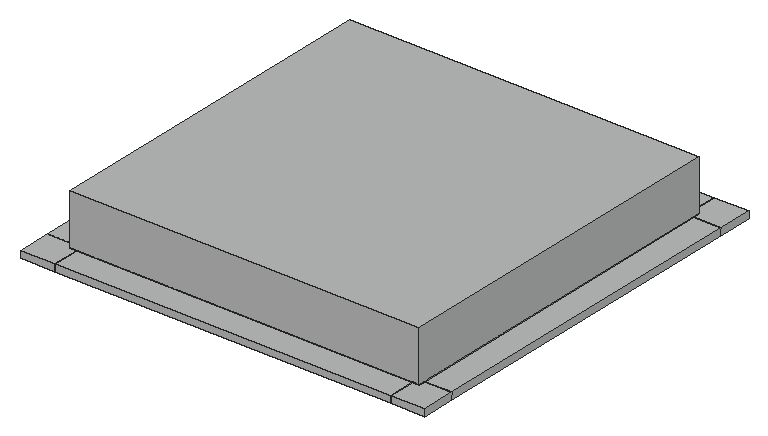
Revit family "ALUMOGIPS", category Осветительные приборы, Revit 2019 (continued)
Types (72, lengths in mm): name | Файл фотометрической сетки | built-in parameter 1150105 | Lumens | built-in parameter 1150106 | built-in parameter 1150142 | Wattage | Emit from Rectangle Width | Emit from Rectangle Length | Длина | Материал светильника | Ширина | ADSK_Ток | ADSK_Полная мощность | ADSK_Обозначение | ADSK_Номинальная мощность | ADSK_Наименование | ADSK_Масса | ADSK_Код изделия
  Alumogips-30/opal-sand 295х595 (IP40, 4000К, белый) c БАП на 1 час | "Светильник ALUMOGIPS-30 OPAL-SAND-(295x595).IES" | 198.94 (stored number, unit not read) | 2500 lm | 1.9894 (stored number, unit not read) | "IESNA:LM-63-95\r\n[TEST] Протокол №80\r\n[DATA]26.06.2016\r\n[MORE] \r\n[MANUFAC] ЗАО \"Центрстройсвет\"\r\n[LUMCAT]  Светильник ALUMOGIPS-30/OPAL-SAND-(295x595)\r\n[LUMINAIRE]\r\n[LAMPCAT] Светодиоды\r\n[LAMP] Поток источника света (светодиодов) не известен\r\n[MORE] КСС приведена в абсолютных величинах кд\r\n[MORE] Вместо потока лампы, указан поток светильника.\r\nTILT=NONE\r\n1    2420 1.0 37 73 1 2 0.295 0.595 0.04\r\n1.0 1.0 28.9\r\n0.0 5.0 10.0 15.0 20.0 25.0 30.0 35.0 40.0 45.0 50.0 55.0 60.0 65.0 70.0 75.0 80.0 85.0 90.0 95.0 100.0 105.0 110.0 115.0 120.0 125.0 130.0 135.0 140.0 145.0 150.0 155.0 160.0 165.0 170.0 175.0 180.0\r\n0.0 5.0 10.0 15.0 20.0 25.0 30.0 35.0 40.0 45.0 50.0 55.0 60.0 65.0 70.0 75.0 80.0 85.0 90.0 95.0 100.0 105.0 110.0 115.0 120.0 125.0 130.0 135.0 140.0 145.0 150.0 155.0 160.0 165.0 170.0 175.0 180.0 185.0 190.0 195.0 200.0 205.0 210.0 215.0 220.0 225.0 230.0 235.0 240.0 245.0 250.0 255.0 260.0 265.0 270.0 275.0 280.0 285.0 290.0 295.0 300.0 305.0 310.0 315.0 320.0 325.0 330.0 335.0 340.0 345.0 350.0 355.0 360.0\r\n911.1 908.3 889.4 861.2 824.6 779.8 729.1 674.3 613.8 546.0 479.1 412.2 342.1 274.7 206.6 142.5 83.1 30.5 0.2 0.0 0.0 0.0 0.0 0.0 0.0 0.0 0.0 0.0 0.0 0.0 0.0 0.0 0.0 0.0 0.0 0.0 0.0\r\n911.1 908.3 890.4 862.2 826.0 781.2 730.0 673.5 610.8 545.9 478.1 412.0 343.0 274.6 207.5 142.8 83.4 31.1 0.3 0.0 0.0 0.0 0.0 0.0 0.0 0.0 0.0 0.0 0.0 0.0 0.0 0.0 0.0 0.0 0.0 0.0 0.0\r\n911.1 908.5 890.5 862.8 826.3 781.1 729.7 670.6 612.5 548.7 480.3 412.7 344.4 275.2 207.5 143.5 83.8 31.5 0.3 0.0 0.0 0.0 0.0 0.0 0.0 0.0 0.0 0.0 0.0 0.0 0.0 0.0 0.0 0.0 0.0 0.0 0.0\r\n911.1 909.2 889.7 860.5 825.1 782.3 731.0 672.5 613.1 547.3 478.2 411.8 342.9 275.2 208.3 143.7 83.9 31.8 0.3 0.0 0.0 0.0 0.0 0.0 0.0 0.0 0.0 0.0 0.0 0.0 0.0 0.0 0.0 0.0 0.0 0.0 0.0\r\n911.1 909.0 891.0 861.5 825.6 782.4 732.7 675.9 611.0 545.2 481.9 413.1 344.4 276.1 208.3 144.0 84.6 32.0 0.3 0.0 0.0 0.0 0.0 0.0 0.0 0.0 0.0 0.0 0.0 0.0 0.0 0.0 0.0 0.0 0.0 0.0 0.0\r\n911.1 908.9 890.1 863.3 826.9 783.2 729.2 673.9 611.8 547.8 480.9 414.1 343.8 275.8 208.6 144.4 85.0 32.4 0.3 0.0 0.0 0.0 0.0 0.0 0.0 0.0 0.0 0.0 0.0 0.0 0.0 0.0 0.0 0.0 0.0 0.0 0.0\r\n911.1 908.9 890.0 862.2 828.3 782.8 731.1 675.1 614.3 547.6 481.3 413.0 345.8 276.7 208.8 145.0 85.3 32.6 0.4 0.0 0.0 0.0 0.0 0.0 0.0 0.0 0.0 0.0 0.0 0.0 0.0 0.0 0.0 0.0 0.0 0.0 0.0\r\n911.1 908.5 891.5 865.2 825.7 780.8 732.5 674.6 615.0 551.3 482.1 414.1 345.1 277.4 208.6 145.5 85.5 33.2 0.5 0.0 0.0 0.0 0.0 0.0 0.0 0.0 0.0 0.0 0.0 0.0 0.0 0.0 0.0 0.0 0.0 0.0 0.0\r\n911.1 908.2 891.4 865.6 827.3 781.0 734.3 676.9 614.9 549.4 482.0 413.8 346.2 277.0 209.5 145.9 86.0 33.8 0.4 0.0 0.0 0.0 0.0 0.0 0.0 0.0 0.0 0.0 0.0 0.0 0.0 0.0 0.0 0.0 0.0 0.0 0.0\r\n911.1 908.7 891.0 864.3 829.6 784.0 732.9 673.2 614.9 550.2 484.5 414.8 346.4 277.8 210.5 146.4 87.2 33.9 0.6 0.0 0.0 0.0 0.0 0.0 0.0 0.0 0.0 0.0 0.0 0.0 0.0 0.0 0.0 0.0 0.0 0.0 0.0\r\n911.1 909.3 890.7 863.4 828.2 782.7 733.6 675.6 617.1 551.3 485.9 416.5 347.0 279.5 211.3 147.1 87.6 34.5 0.8 0.0 0.0 0.0 0.0 0.0 0.0 0.0 0.0 0.0 0.0 0.0 0.0 0.0 0.0 0.0 0.0 0.0 0.0\r\n911.1 908.7 892.5 864.0 829.2 784.2 733.3 676.9 615.6 551.9 484.7 416.9 348.3 279.6 211.6 148.3 88.1 35.0 0.9 0.0 0.0 0.0 0.0 0.0 0.0 0.0 0.0 0.0 0.0 0.0 0.0 0.0 0.0 0.0 0.0 0.0 0.0\r\n911.1 907.6 892.1 865.2 827.4 784.6 731.8 676.8 617.7 552.8 485.1 418.8 350.7 281.3 212.5 148.4 89.0 35.7 1.0 0.0 0.0 0.0 0.0 0.0 0.0 0.0 0.0 0.0 0.0 0.0 0.0 0.0 0.0 0.0 0.0 0.0 0.0\r\n911.1 907.1 892.1 864.5 830.2 788.3 733.6 677.4 617.3 552.0 487.9 420.8 349.8 281.3 213.4 149.2 89.9 36.2 1.3 0.0 0.0 0.0 0.0 0.0 0.0 0.0 0.0 0.0 0.0 0.0 0.0 0.0 0.0 0.0 0.0 0.0 0.0\r\n911.1 907.7 891.9 865.7 828.5 785.6 735.2 678.9 620.0 555.8 488.8 421.1 351.5 282.7 215.2 149.7 90.8 36.9 1.5 0.0 0.0 0.0 0.0 0.0 0.0 0.0 0.0 0.0 0.0 0.0 0.0 0.0 0.0 0.0 0.0 0.0 0.0\r\n911.1 907.8 891.0 864.8 830.1 786.1 738.7 679.4 616.5 556.6 490.6 420.2 352.4 284.5 215.4 151.3 91.1 37.6 1.5 0.0 0.0 0.0 0.0 0.0 0.0 0.0 0.0 0.0 0.0 0.0 0.0 0.0 0.0 0.0 0.0 0.0 0.0\r\n911.1 907.6 892.2 865.5 829.8 785.3 740.8 681.1 621.3 555.2 488.2 422.8 352.5 285.0 216.2 151.5 92.2 38.3 1.9 0.0 0.0 0.0 0.0 0.0 0.0 0.0 0.0 0.0 0.0 0.0 0.0 0.0 0.0 0.0 0.0 0.0 0.0\r\n911.1 907.4 892.1 866.1 829.8 787.6 737.3 681.4 621.4 556.0 491.1 422.7 354.9 284.7 217.1 152.4 93.0 39.4 2.0 0.0 0.0 0.0 0.0 0.0 0.0 0.0 0.0 0.0 0.0 0.0 0.0 0.0 0.0 0.0 0.0 0.0 0.0\r\n911.1 907.1 892.7 864.9 831.7 788.2 738.4 680.3 623.5 555.8 491.4 423.2 354.0 286.0 218.2 152.8 93.7 40.1 1.9 0.0 0.0 0.0 0.0 0.0 0.0 0.0 0.0 0.0 0.0 0.0 0.0 0.0 0.0 0.0 0.0 0.0 0.0\r\n911.1 907.4 892.3 867.6 830.6 789.2 737.9 683.1 622.5 558.1 492.5 424.4 355.9 287.7 219.1 154.3 94.7 40.4 2.5 0.0 0.0 0.0 0.0 0.0 0.0 0.0 0.0 0.0 0.0 0.0 0.0 0.0 0.0 0.0 0.0 0.0 0.0\r\n911.1 907.5 892.4 866.9 832.1 790.0 736.6 683.9 623.3 559.4 493.1 425.9 357.0 288.4 220.1 155.2 95.3 41.1 2.6 0.0 0.0 0.0 0.0 0.0 0.0 0.0 0.0 0.0 0.0 0.0 0.0 0.0 0.0 0.0 0.0 0.0 0.0\r\n911.1 906.9 893.0 866.2 832.9 789.5 740.6 686.4 622.6 558.9 494.6 425.2 357.7 289.6 220.8 156.1 95.8 41.9 2.6 0.0 0.0 0.0 0.0 0.0 0.0 0.0 0.0 0.0 0.0 0.0 0.0 0.0 0.0 0.0 0.0 0.0 0.0\r\n911.1 906.5 892.0 867.1 832.6 789.9 741.4 686.3 627.3 561.0 497.2 429.6 357.8 290.1 222.7 156.4 96.7 42.4 3.1 0.0 0.0 0.0 0.0 0.0 0.0 0.0 0.0 0.0 0.0 0.0 0.0 0.0 0.0 0.0 0.0 0.0 0.0\r\n911.1 906.8 892.3 868.3 834.8 789.8 739.1 686.9 625.0 562.3 496.2 428.6 359.5 290.7 222.5 158.0 97.5 42.6 3.4 0.0 0.0 0.0 0.0 0.0 0.0 0.0 0.0 0.0 0.0 0.0 0.0 0.0 0.0 0.0 0.0 0.0 0.0\r\n911.1 907.7 893.1 868.2 834.1 793.7 743.1 687.9 626.4 562.8 495.5 430.8 360.5 292.6 223.4 158.6 97.7 43.5 3.3 0.0 0.0 0.0 0.0 0.0 0.0 0.0 0.0 0.0 0.0 0.0 0.0 0.0 0.0 0.0 0.0 0.0 0.0\r\n911.1 908.2 893.8 868.2 835.6 793.6 743.3 688.3 626.0 564.5 498.1 431.2 361.0 293.4 224.3 158.9 98.6 44.0 3.5 0.0 0.0 0.0 0.0 0.0 0.0 0.0 0.0 0.0 0.0 0.0 0.0 0.0 0.0 0.0 0.0 0.0 0.0\r\n911.1 906.7 894.2 868.9 835.7 792.8 743.7 688.3 628.3 564.5 497.7 430.5 361.2 293.3 224.8 160.4 99.3 44.4 3.7 0.0 0.0 0.0 0.0 0.0 0.0 0.0 0.0 0.0 0.0 0.0 0.0 0.0 0.0 0.0 0.0 0.0 0.0\r\n911.1 906.5 894.7 867.9 834.7 795.0 744.2 689.6 630.1 566.4 499.6 431.8 363.0 294.1 225.6 160.8 100.0 45.1 3.6 0.0 0.0 0.0 0.0 0.0 0.0 0.0 0.0 0.0 0.0 0.0 0.0 0.0 0.0 0.0 0.0 0.0 0.0\r\n911.1 906.5 895.1 869.9 835.9 794.8 744.6 690.7 627.4 566.4 500.2 432.4 364.0 294.7 227.0 161.2 100.6 45.6 3.8 0.0 0.0 0.0 0.0 0.0 0.0 0.0 0.0 0.0 0.0 0.0 0.0 0.0 0.0 0.0 0.0 0.0 0.0\r\n911.1 906.1 895.4 869.1 835.9 794.7 746.0 689.6 630.7 566.6 499.6 432.7 363.1 295.7 227.9 161.9 100.9 46.3 4.0 0.0 0.0 0.0 0.0 0.0 0.0 0.0 0.0 0.0 0.0 0.0 0.0 0.0 0.0 0.0 0.0 0.0 0.0\r\n911.1 906.1 894.6 870.7 836.3 795.3 746.6 689.6 632.6 567.7 500.1 432.1 364.4 296.0 227.8 162.7 101.4 46.4 4.5 0.0 0.0 0.0 0.0 0.0 0.0 0.0 0.0 0.0 0.0 0.0 0.0 0.0 0.0 0.0 0.0 0.0 0.0\r\n911.1 906.3 895.6 868.8 835.5 793.2 745.3 690.7 630.8 568.5 500.6 433.3 364.7 295.8 227.5 162.6 101.3 46.8 4.6 0.0 0.0 0.0 0.0 0.0 0.0 0.0 0.0 0.0 0.0 0.0 0.0 0.0 0.0 0.0 0.0 0.0 0.0\r\n911.1 907.0 895.4 871.8 837.5 794.5 744.5 690.6 631.8 568.8 502.5 436.2 365.6 296.2 228.3 163.9 101.9 47.1 4.6 0.0 0.0 0.0 0.0 0.0 0.0 0.0 0.0 0.0 0.0 0.0 0.0 0.0 0.0 0.0 0.0 0.0 0.0\r\n911.1 907.6 895.4 871.8 839.2 796.0 747.1 690.6 629.6 567.5 501.4 434.5 365.7 297.2 228.8 163.4 102.4 47.5 4.6 0.0 0.0 0.0 0.0 0.0 0.0 0.0 0.0 0.0 0.0 0.0 0.0 0.0 0.0 0.0 0.0 0.0 0.0\r\n911.1 906.1 895.5 871.6 838.7 794.9 748.2 694.5 632.4 570.3 502.5 434.5 365.5 297.1 229.4 164.0 102.4 47.5 4.7 0.0 0.0 0.0 0.0 0.0 0.0 0.0 0.0 0.0 0.0 0.0 0.0 0.0 0.0 0.0 0.0 0.0 0.0\r\n911.1 904.8 895.9 869.8 836.7 797.2 747.1 691.9 633.4 569.5 503.4 435.1 366.2 298.1 229.3 163.6 102.3 47.2 4.3 0.0 0.0 0.0 0.0 0.0 0.0 0.0 0.0 0.0 0.0 0.0 0.0 0.0 0.0 0.0 0.0 0.0 0.0\r\n911.1 905.3 894.0 871.2 840.2 796.2 748.3 691.8 631.5 572.4 503.6 433.5 366.8 297.9 229.2 163.3 101.8 46.8 3.8 0.0 0.0 0.0 0.0 0.0 0.0 0.0 0.0 0.0 0.0 0.0 0.0 0.0 0.0 0.0 0.0 0.0 0.0\r\n911.1 906.0 894.9 870.9 837.1 795.0 745.7 693.0 630.8 569.0 503.7 436.4 366.4 297.7 229.8 163.4 101.8 46.5 3.4 0.0 0.0 0.0 0.0 0.0 0.0 0.0 0.0 0.0 0.0 0.0 0.0 0.0 0.0 0.0 0.0 0.0 0.0\r\n911.1 905.6 893.6 871.4 839.9 797.6 749.1 691.5 633.0 570.8 502.5 434.8 366.1 296.6 228.5 162.8 101.0 46.0 2.9 0.0 0.0 0.0 0.0 0.0 0.0 0.0 0.0 0.0 0.0 0.0 0.0 0.0 0.0 0.0 0.0 0.0 0.0\r\n911.1 905.5 894.6 871.9 838.0 794.6 747.0 692.0 634.0 569.3 502.9 435.5 366.8 296.4 228.8 163.2 101.1 46.1 2.8 0.0 0.0 0.0 0.0 0.0 0.0 0.0 0.0 0.0 0.0 0.0 0.0 0.0 0.0 0.0 0.0 0.0 0.0\r\n911.1 906.2 893.1 871.0 837.2 796.8 749.0 694.0 633.1 569.5 503.5 436.7 366.4 297.6 228.4 162.6 101.3 45.7 2.8 0.0 0.0 0.0 0.0 0.0 0.0 0.0 0.0 0.0 0.0 0.0 0.0 0.0 0.0 0.0 0.0 0.0 0.0\r\n911.1 905.4 893.6 869.9 837.0 796.8 747.6 692.4 634.5 568.4 503.4 433.2 365.8 296.2 227.1 162.3 100.7 45.6 2.7 0.0 0.0 0.0 0.0 0.0 0.0 0.0 0.0 0.0 0.0 0.0 0.0 0.0 0.0 0.0 0.0 0.0 0.0\r\n911.1 905.2 893.1 870.9 837.6 799.4 749.7 694.6 632.4 569.7 501.2 433.7 366.5 296.3 227.6 162.0 100.7 45.2 2.6 0.0 0.0 0.0 0.0 0.0 0.0 0.0 0.0 0.0 0.0 0.0 0.0 0.0 0.0 0.0 0.0 0.0 0.0\r\n911.1 905.6 892.8 867.9 836.3 795.3 747.6 693.8 632.3 568.8 503.5 433.9 364.4 295.4 227.4 162.1 100.2 45.0 2.6 0.0 0.0 0.0 0.0 0.0 0.0 0.0 0.0 0.0 0.0 0.0 0.0 0.0 0.0 0.0 0.0 0.0 0.0\r\n911.1 906.0 891.2 869.4 838.7 796.6 744.5 691.3 630.5 568.4 500.5 432.6 364.8 294.7 226.6 161.5 99.4 44.6 2.4 0.0 0.0 0.0 0.0 0.0 0.0 0.0 0.0 0.0 0.0 0.0 0.0 0.0 0.0 0.0 0.0 0.0 0.0\r\n911.1 906.3 892.3 868.8 836.4 794.7 746.4 690.6 628.4 567.4 501.0 433.5 364.4 294.7 226.3 161.5 99.1 44.1 2.3 0.0 0.0 0.0 0.0 0.0 0.0 0.0 0.0 0.0 0.0 0.0 0.0 0.0 0.0 0.0 0.0 0.0 0.0\r\n911.1 906.1 891.2 870.3 836.5 796.5 746.5 691.1 630.2 565.4 501.0 432.5 361.6 293.6 224.8 160.3 98.9 43.7 2.2 0.0 0.0 0.0 0.0 0.0 0.0 0.0 0.0 0.0 0.0 0.0 0.0 0.0 0.0 0.0 0.0 0.0 0.0\r\n911.1 906.7 892.3 869.5 834.4 794.2 744.3 688.5 631.3 567.2 500.0 431.6 362.1 292.6 224.4 159.4 98.3 43.1 2.1 0.0 0.0 0.0 0.0 0.0 0.0 0.0 0.0 0.0 0.0 0.0 0.0 0.0 0.0 0.0 0.0 0.0 0.0\r\n911.1 906.3 891.7 869.3 838.3 794.6 745.1 687.7 632.2 566.3 497.6 429.3 361.9 293.2 223.9 158.7 97.6 42.4 1.9 0.0 0.0 0.0 0.0 0.0 0.0 0.0 0.0 0.0 0.0 0.0 0.0 0.0 0.0 0.0 0.0 0.0 0.0\r\n911.1 906.6 891.2 870.7 835.8 791.7 742.2 688.7 628.2 564.3 497.8 429.8 361.0 291.5 223.5 157.7 97.3 42.0 1.8 0.0 0.0 0.0 0.0 0.0 0.0 0.0 0.0 0.0 0.0 0.0 0.0 0.0 0.0 0.0 0.0 0.0 0.0\r\n911.1 906.1 891.3 868.6 834.6 791.7 744.4 685.8 625.4 562.6 496.6 428.8 360.1 290.5 222.4 157.1 96.1 41.3 1.7 0.0 0.0 0.0 0.0 0.0 0.0 0.0 0.0 0.0 0.0 0.0 0.0 0.0 0.0 0.0 0.0 0.0 0.0\r\n911.1 905.2 892.6 868.1 835.0 791.5 742.2 686.7 625.4 563.1 497.3 427.9 358.4 290.7 221.2 155.8 95.6 40.8 1.5 0.0 0.0 0.0 0.0 0.0 0.0 0.0 0.0 0.0 0.0 0.0 0.0 0.0 0.0 0.0 0.0 0.0 0.0\r\n911.1 905.3 892.8 868.0 833.0 791.3 744.3 685.1 623.6 560.5 492.9 426.5 357.2 288.9 220.3 154.7 94.8 40.1 1.3 0.0 0.0 0.0 0.0 0.0 0.0 0.0 0.0 0.0 0.0 0.0 0.0 0.0 0.0 0.0 0.0 0.0 0.0\r\n911.1 906.6 890.8 868.3 833.0 790.4 741.1 685.4 624.1 560.7 492.9 424.1 356.4 288.9 219.7 154.0 93.5 39.4 1.2 0.0 0.0 0.0 0.0 0.0 0.0 0.0 0.0 0.0 0.0 0.0 0.0 0.0 0.0 0.0 0.0 0.0 0.0\r\n911.1 907.4 891.8 866.4 833.1 790.2 739.5 683.6 621.7 561.4 494.4 424.6 356.0 287.1 219.0 153.3 92.5 38.6 1.1 0.0 0.0 0.0 0.0 0.0 0.0 0.0 0.0 0.0 0.0 0.0 0.0 0.0 0.0 0.0 0.0 0.0 0.0\r\n911.1 907.0 891.7 867.9 832.2 788.0 736.3 683.3 623.7 556.4 492.1 424.3 353.3 286.6 217.1 152.4 91.9 37.8 0.8 0.0 0.0 0.0 0.0 0.0 0.0 0.0 0.0 0.0 0.0 0.0 0.0 0.0 0.0 0.0 0.0 0.0 0.0\r\n911.1 906.8 892.1 865.5 829.5 787.9 737.3 680.4 618.9 555.6 491.7 423.2 353.3 284.2 216.2 151.5 91.3 37.0 0.7 0.0 0.0 0.0 0.0 0.0 0.0 0.0 0.0 0.0 0.0 0.0 0.0 0.0 0.0 0.0 0.0 0.0 0.0\r\n911.1 906.0 890.4 864.7 830.5 788.2 737.8 682.0 618.5 554.8 489.2 421.0 352.5 282.8 214.0 149.9 90.1 36.6 0.6 0.0 0.0 0.0 0.0 0.0 0.0 0.0 0.0 0.0 0.0 0.0 0.0 0.0 0.0 0.0 0.0 0.0 0.0\r\n911.1 905.1 891.5 865.2 828.0 784.8 738.1 677.5 619.3 553.0 488.5 419.0 350.1 282.1 214.0 149.5 89.3 35.6 0.4 0.0 0.0 0.0 0.0 0.0 0.0 0.0 0.0 0.0 0.0 0.0 0.0 0.0 0.0 0.0 0.0 0.0 0.0\r\n911.1 906.0 891.6 863.4 826.4 784.8 735.2 679.4 616.1 553.3 487.5 418.1 349.5 281.2 213.4 148.4 88.5 34.8 0.3 0.0 0.0 0.0 0.0 0.0 0.0 0.0 0.0 0.0 0.0 0.0 0.0 0.0 0.0 0.0 0.0 0.0 0.0\r\n911.1 906.8 890.4 864.5 828.0 784.0 735.1 678.8 616.8 551.9 484.6 417.7 349.7 279.3 211.1 147.6 87.7 34.2 0.3 0.0 0.0 0.0 0.0 0.0 0.0 0.0 0.0 0.0 0.0 0.0 0.0 0.0 0.0 0.0 0.0 0.0 0.0\r\n911.1 907.5 888.8 862.0 826.9 780.2 732.3 675.0 614.9 551.2 485.3 416.4 346.6 278.8 211.6 146.2 86.7 33.6 0.2 0.0 0.0 0.0 0.0 0.0 0.0 0.0 0.0 0.0 0.0 0.0 0.0 0.0 0.0 0.0 0.0 0.0 0.0\r\n911.1 907.5 889.7 863.2 826.6 785.1 732.2 672.0 614.2 551.3 484.5 416.7 346.2 277.6 210.1 145.9 85.8 32.8 0.2 0.0 0.0 0.0 0.0 0.0 0.0 0.0 0.0 0.0 0.0 0.0 0.0 0.0 0.0 0.0 0.0 0.0 0.0\r\n911.1 907.3 890.1 863.9 825.1 780.0 730.7 678.4 612.1 549.9 481.9 414.5 344.9 276.9 209.3 145.1 85.2 32.3 0.1 0.0 0.0 0.0 0.0 0.0 0.0 0.0 0.0 0.0 0.0 0.0 0.0 0.0 0.0 0.0 0.0 0.0 0.0\r\n911.1 908.5 889.1 862.4 825.5 781.7 731.2 672.6 612.0 547.6 482.4 413.8 345.8 275.4 208.5 144.0 84.8 31.6 0.1 0.0 0.0 0.0 0.0 0.0 0.0 0.0 0.0 0.0 0.0 0.0 0.0 0.0 0.0 0.0 0.0 0.0 0.0\r\n911.1 908.0 889.3 861.7 824.9 780.9 731.0 672.8 611.9 545.5 481.0 411.8 343.3 274.8 207.7 143.4 84.0 31.2 0.1 0.0 0.0 0.0 0.0 0.0 0.0 0.0 0.0 0.0 0.0 0.0 0.0 0.0 0.0 0.0 0.0 0.0 0.0\r\n911.1 906.5 887.9 861.2 824.2 781.5 729.8 672.2 609.7 547.2 479.7 411.1 343.5 274.5 206.8 143.2 83.6 30.7 0.1 0.0 0.0 0.0 0.0 0.0 0.0 0.0 0.0 0.0 0.0 0.0 0.0 0.0 0.0 0.0 0.0 0.0 0.0\r\n911.1 906.8 888.0 859.9 826.4 781.3 727.9 671.1 610.9 546.9 478.6 411.5 342.5 274.4 207.1 142.8 83.0 30.3 0.1 0.0 0.0 0.0 0.0 0.0 0.0 0.0 0.0 0.0 0.0 0.0 0.0 0.0 0.0 0.0 0.0 0.0 0.0\r\n911.1 907.2 889.6 859.4 824.1 778.8 730.0 672.0 610.3 544.9 478.2 410.6 341.6 274.5 206.3 141.9 82.8 30.0 0.1 0.0 0.0 0.0 0.0 0.0 0.0 0.0 0.0 0.0 0.0 0.0 0.0 0.0 0.0 0.0 0.0 0.0 0.0\r\n911.1 908.0 888.9 861.7 823.7 778.6 726.6 673.0 609.3 546.3 478.0 409.7 341.7 273.2 206.1 141.7 82.2 29.9 0.0 0.0 0.0 0.0 0.0 0.0 0.0 0.0 0.0 0.0 0.0 0.0 0.0 0.0 0.0 0.0 0.0 0.0 0.0\r\n911.1 908.5 889.0 862.2 823.5 778.2 729.5 669.6 608.8 545.8 478.2 411.0 340.7 272.7 206.2 142.0 82.2 29.8 0.1 0.0 0.0 0.0 0.0 0.0 0.0 0.0 0.0 0.0 0.0 0.0 0.0 0.0 0.0 0.0 0.0 0.0 0.0\r\n911.1 908.3 889.7 863.3 826.0 781.1 728.4 671.9 608.5 545.7 478.5 410.8 342.7 273.4 205.7 141.8 82.4 30.1 0.2 0.0 0.0 0.0 0.0 0.0 0.0 0.0 0.0 0.0 0.0 0.0 0.0 0.0 0.0 0.0 0.0 0.0 0.0\r\n911.1 908.3 889.4 861.2 824.6 779.8 729.1 674.3 613.8 546.0 479.1 412.2 342.1 274.7 206.6 142.5 83.1 30.5 0.2 0.0 0.0 0.0 0.0 0.0 0.0 0.0 0.0 0.0 0.0 0.0 0.0 0.0 0.0 0.0 0.0 0.0 0.0\r\n" | 16.8303 W | 275 | 575 | 595 | RAL 9001 | 295 | 0.141777 A | 32.6087 VA | "Alumogips-30/opal-sand 295х595 (IP40, 4000К, белый)" | 30 W | "Встраиваемый светодиодный светильник Alumogips-30/opal-sand 295х595 (IP40, 4000К, белый) c БАП на 1 час" | 1.3 | "ЦБ000007768"
